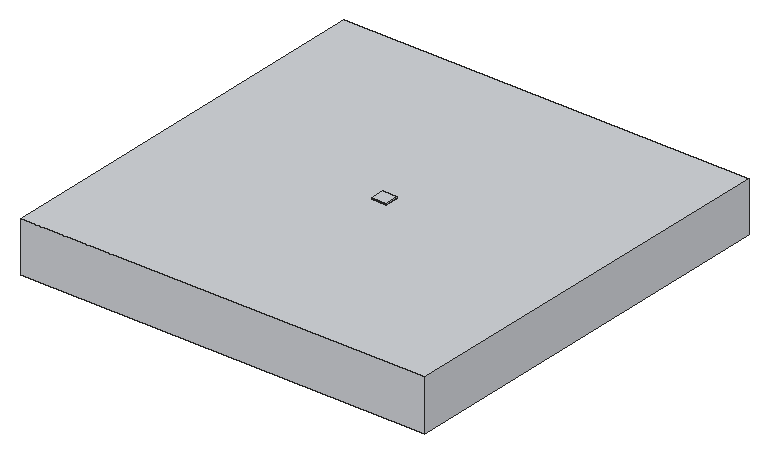
Revit family "双联电视插座 - 暗装", category 数据设备, Revit 2018
Family settings
  主体 = 面
  保持注释方向 = 是
  圆形连接件大小 = 使用直径
  零件类型 = 标准
  加载时剪切的空心 = 否
  共享 = 否
  房间计算点 = 否
Parameters (values of type "标准")
  宽度 = 长度  # 86.00 mm
  材质 = none
  长度 2 = 10.00 mm
  长度 1 = 5.50 mm
  长度 = 86.00 mm
  高度 = 50.00 mm
  默认高程 = 1200.00 mm
Reference planes
  plane 1 "中心(前/后)": y = 0
  plane 2: z = 0
  plane 3 "中心(左/右)": x = 0
  plane 4: x = -43
  plane 5: x = 43
  plane 6: y = -43
  plane 7: y = 43
  plane 8: z = 7
  plane 9: y = 37.5
  plane 10: y = -37.5
  plane 11: z = -50
  plane 12: z = -25
  plane 13: x = -21.5
  plane 14: x = 21.5
  plane 15: y = 5
  plane 16: y = -5
  plane 17: x = -26.5
  plane 18: x = -16.5
  plane 19: x = 16.5
  plane 20: x = 26.5
Forms (mm)
  Extrusion 1, solid
    sketch origin (0, 0, 0) x (1, 0, 0) y (0, 1, 0)
      loop
        line (-1219.2, 1219.2) -> (-1219.2, -1219.2) -> (1219.2, -1219.2) -> (1219.2, 1219.2) -> (-1219.2, 1219.2)
    from 0 to -304.8
  Extrusion 2, solid, material <- "材质", detail levels fine
    sketch origin (0, 0, 0) x (1, 0, 0) y (0, 1, 0)
      loop
        line (-43, 43) -> (-43, -43) -> (43, -43) -> (43, 43) -> (-43, 43)
    from 0 to 7
  Extrusion 3, solid, material <- "材质", detail levels fine
    sketch origin (0, 0, 0) x (1, 0, 0) y (0, 1, 0)
      loop
        line (-43, 37.5) -> (-43, -37.5) -> (43, -37.5) -> (43, 37.5) -> (-43, 37.5)
    from -50 to 0
  Extrusion 4, solid, material <- "材质", detail levels coarse+medium
    sketch origin (-135.292, -4572, 7) x (-1, 0, 0) y (0, -1, 0)
      loop
        line (-92.292, -4615) -> (-92.292, -4529) -> (-178.292, -4529) -> (-178.292, -4615) -> (-92.292, -4615)
    from 0 to -7
  Extrusion 5, solid, material <- "材质", detail levels coarse+medium
    sketch origin (-135.292, -4572, 7) x (-1, 0, 0) y (0, -1, 0)
      loop
        line (-92.292, -4609.5) -> (-92.292, -4534.5) -> (-178.292, -4534.5) -> (-178.292, -4609.5) -> (-92.292, -4609.5)
    from -7 to -57
Lines and regions (mm)
  model lines, detail levels medium+fine
    curve 1: circle (-21.5, 0, 7) r 5 normal (0, 0, 1)
    curve 2: circle (-21.5, 0, 7) r 1 normal (0, 0, 1)
    curve 3: line (-26.5, 5, 7) -> (-16.5, 5, 7)
    curve 4: line (-26.5, -5, 7) -> (-26.5, 5, 7)
    curve 5: line (-16.5, -5, 7) -> (-26.5, -5, 7)
    curve 6: line (-16.5, 5, 7) -> (-16.5, -5, 7)
    curve 7: circle (21.5, 0, 7) r 5 normal (0, 0, 1)
    curve 8: circle (21.5, 0, 7) r 1 normal (0, 0, 1)
    curve 9: line (16.5, 5, 7) -> (26.5, 5, 7)
    curve 10: line (16.5, -5, 7) -> (16.5, 5, 7)
    curve 11: line (26.5, -5, 7) -> (16.5, -5, 7)
    curve 12: line (26.5, 5, 7) -> (26.5, -5, 7)
Dimensions and locks
  equal spacing: plane 4, plane 3 "中心(左/右)", plane 5
  "长度": plane 4 to plane 5
  equal spacing: plane 7, plane 1 "中心(前/后)", plane 6
  "宽度": plane 7 to plane 6
  locked: plane 8 to plane 2 at 7
  "长度 1": plane 10 to plane 6
  "长度 1": plane 7 to plane 9
  "高度": plane 2 to plane 11
  equal spacing: plane 2, plane 12, plane 11
  equal spacing: plane 4, plane 13, plane 3 "中心(左/右)"
  equal spacing: plane 3 "中心(左/右)", plane 14, plane 5
  equal spacing: plane 17, plane 13, plane 18
  equal spacing: plane 15, plane 1 "中心(前/后)", plane 16
  "长度 2": plane 17 to plane 18
  "长度 2": plane 15 to plane 16
  equal spacing: plane 19, plane 14, plane 20
  "长度 2": plane 19 to plane 20
  aligned and locked: plane 2 to Extrusion 1
  aligned and locked: level to Extrusion 1
  aligned and locked: Extrusion 2 sketch curve to plane 7
  aligned and locked: plane 4 to Extrusion 2 sketch curve
  aligned and locked: plane 6 to Extrusion 2 sketch curve
  aligned and locked: Extrusion 2 sketch curve to plane 5
  aligned and locked: Extrusion 2 to plane 2
  aligned and locked: plane 8 to Extrusion 2
  aligned and locked: Extrusion 3 sketch curve to plane 9
  aligned and locked: Extrusion 3 sketch curve to plane 5
  aligned and locked: plane 10 to Extrusion 3 sketch curve
  aligned and locked: plane 4 to Extrusion 3 sketch curve
  aligned and locked: Extrusion 3 to plane 11
  aligned and locked: plane 2 to Extrusion 3
  aligned and locked: plane 6 to Extrusion 4 sketch curve
  aligned and locked: Extrusion 4 sketch curve to plane 5
  aligned and locked: Extrusion 4 sketch curve to plane 7
  aligned and locked: plane 4 to Extrusion 4 sketch curve
  aligned and locked: Extrusion 4 to plane 8
  aligned and locked: Extrusion 4 to plane 2
  aligned and locked: Extrusion 5 sketch curve to plane 9
  aligned and locked: Extrusion 5 sketch curve to plane 5
  aligned and locked: plane 10 to Extrusion 5 sketch curve
  aligned and locked: plane 4 to Extrusion 5 sketch curve
  aligned and locked: plane 2 to Extrusion 5
  aligned and locked: Extrusion 5 to plane 11
  aligned and locked: plane 1 "中心(前/后)" to curve 1
  aligned and locked: plane 13 to curve 1
  aligned and locked: plane 1 "中心(前/后)" to curve 2
  aligned and locked: plane 13 to curve 2
  aligned and locked: curve 3 to plane 15
  aligned and locked: plane 17 to curve 4
  aligned and locked: plane 16 to curve 5
  aligned and locked: curve 6 to plane 18
  aligned and locked: plane 1 "中心(前/后)" to curve 7
  aligned and locked: plane 14 to curve 7
  aligned and locked: plane 14 to curve 8
  aligned and locked: plane 1 "中心(前/后)" to curve 8
  aligned and locked: curve 9 to plane 15
  aligned and locked: plane 19 to curve 10
  aligned and locked: plane 16 to curve 11
  aligned and locked: curve 12 to plane 20
  aligned and locked: plane 6 to nested 1
  aligned and locked: nested 1 to plane 3 "中心(左/右)"
Automatic sketch dimensions
  Extrusion 1 sketch curve to Extrusion 1 sketch curve = 2438.40 mm  (x2)
  radius of curve 1 = 5.00 mm
  radius of curve 2 = 1.00 mm
  radius of curve 7 = 5.00 mm
  radius of curve 8 = 1.00 mm
Nested families
  nested 1: "双联电视插座 - 暗装注释" at (0, -43, 0) x (-1, 0, 0) z (0, 0, 1), type "双联电视插座 - 暗装注释", detail levels coarse+medium
Connectors
  electrical at (43, 0, -25)
    settings: on Extrusion 3, index 1, voltage 0 V, apparent load 0 VA, apparent load phase1 0 VA, apparent load phase2 0 VA, apparent load phase3 0 VA, power factor 1, load classification "其他", number of poles 1, system type 5, power factor state 1, is connector primary yes, connector utility no, sub classification motor no, connector description ""
Definition of nested family "双联电视插座 - 暗装注释"
  Reference planes
    plane 1: y = 0
    plane 2: x = 0
  Lines and regions (mm)
    detail lines
      curve 1: line (-2.5, -2.5, 0) -> (2.5, -2.5, 0)
      curve 2: line (0, -2.5, 0) -> (0, 0, 0)
      curve 3: line (-2.5, -2.5, 0) -> (-2.5, -5, 0)
      curve 4: line (2.5, -2.5, 0) -> (2.5, -5, 0)
  Text (mm)
    text "TV" at (2.177, -8.419, 0)
  Dimensions and locks
    equal spacing: curve 1, plane 2, curve 1
    locked: curve 1 to curve 1 at 5
    aligned and locked: plane 1 to curve 2
    aligned and locked: plane 2 to curve 2
